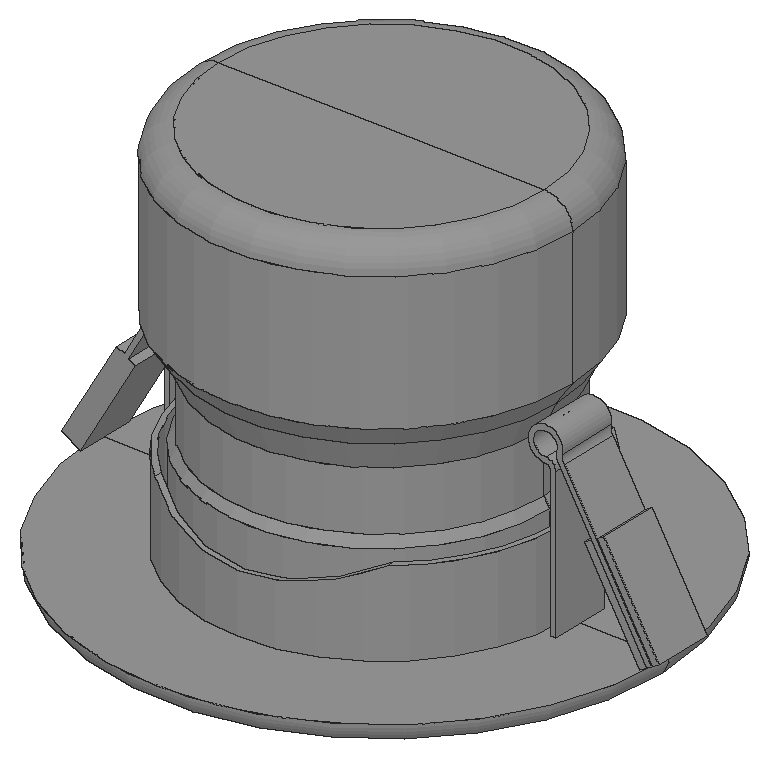
Revit family "63_UN_Spot_Polar 10W D105_Natec", category Lighting Fixtures, Revit 2019
Family settings
  Round Connector Dimension = Use Diameter
  Part Type = Normal
  OmniClass Number = 23.80.70.11.14.11
  OmniClass Title = Downlights
  Work Plane-Based = No
  Always vertical = Yes
  Cut with Voids When Loaded = Yes
  Light Source = Yes
  Shared = No
  Room Calculation Point = Yes
Parameters (values of type "Polar 10W 3000K")
  Wattage Comments = "10W"
  Wattage = 5.78961 W
  built-in parameter 1150110 = 1 (stored number, unit not read)
  Voltage = 230 V
  URL = "https://nateclighting.nl/"
  Type Comments = "Polar 6W D81"
  built-in parameter 1114217 = 1 (stored number, unit not read)
  Tilt Angle = 90.00°
  built-in parameter 1150109 = 1 (stored number, unit not read)
  built-in parameter 1150134 = 3
  Symbol_ToScale [instance] = not(Symbol_RealSize)  # no
  Symbol_RealSize [instance] = yes
  Switch Code [instance] = ""
  built-in parameter 1150113 = 1 (stored number, unit not read)
  Photometric Web File = "Polar 10W 3000K.IES"
  Model = "Spot"
  Manufacturer = "Natec Lighting"
  built-in parameter 1150105 = 68.437 (stored number, unit not read)
  Luminous Flux (lm) = 860 lm
  Lumens = 860 lm
  built-in parameter 1150115 = 1 (stored number, unit not read)
  Luminaire Code [instance] = ""
  built-in parameter 1150137 = (empty or 0)
  built-in parameter 1150139 = (empty or 0)
  built-in parameter 1150112 = 1 (stored number, unit not read)
  built-in parameter 1150114 = 1 (stored number, unit not read)
  Lamp = "LED"
  built-in parameter 1150132 = 2
  built-in parameter 1150102 = (empty or 0)
  built-in parameter 1150107 = 3200 (stored number, unit not read)
  built-in parameter 1150138 = (empty or 0)
  built-in parameter 1150106 = 0.68437 (stored number, unit not read)
  IfcExportType = "USERDEFINED"
  IfcExportAs = "IfcLightFixtureType"
  Housing_Material = Laminate, White
  built-in parameter 1150104 = 13.8 (stored number, unit not read)
  Dimming Lamp Color Temperature Shift = <None>
  Description = ""
  Content Creator® = "www.ivlibrary.com"
  Color Filter = 16777215
  built-in parameter 1114218 = 1 (stored number, unit not read)
  built-in parameter 1150133 = 10 (stored number, unit not read)
  Assembly Code = "63.0"
  Apparent Load = 10 VA
Types (3, lengths in mm): name | built-in parameter 1150134 | Photometric Web File | built-in parameter 1150107
  (no name) | 3 | "Polar 10W 3000K.IES" | 3200 (stored number, unit not read)
  Polar 10W 3000K | 3 | "Polar 10W 3000K.IES" | 3200 (stored number, unit not read)
  Polar 10W 4000K | 12 | "Polar 10W 4000K.IES" | 4000 (stored number, unit not read)
Reference planes
  plane 1 "Center (Front/Back)": y = 0
  plane 2: z = 0
  plane 3 "Center (Left/Right)": x = 0
Forms (mm)
  Revolve 1, solid, material "Laminate, White" <- "Housing_Material"
    sketch origin (0, 0, 0) x (1, 0, 0) y (0, 0, 1)
      loop
        line (-33.597, 0) -> (-52.167, 0)
        arc (-52.167, 0) -> (-50.996, -2.828) -> (-48.167, -4) r 4
        line (-48.167, -4) -> (-33.597, -4) -> (-33.597, 0)
      axis (0, 0) -> (0, -4)
    angle from 0 to 360
  Sweep 2, solid, material "Laminate, White" <- "Housing_Material"
    path origin (31.27, 0, -0.09) x (1, 0, 0) y (0, 0, 1)
      loop
        line (-66.143, 0.09) -> (-66.143, 27.361)
        arc (-66.143, 27.361) -> (-65.916, 27.898) -> (-65.372, 28.108) r 0.747
        arc (-65.372, 28.108) -> (-63.247, 33.702) -> (-68.363, 30.598) r 3.164
        arc (-68.363, 30.598) -> (-68.371, 29.757) -> (-68.742, 29.003) r 1.895
        line (-68.742, 29.003) -> (-84.638, 1.47)
    profile origin (-34.873, 0, 13.636) x (-1, 0, 0) y (0, -1, 0)
      loop
        line (1.008, 5.494) -> (0, 5.494) -> (0, -5.494) -> (1.008, -5.494) -> (1.008, 5.494)
  Revolve 3, solid, material "Laminate, White" <- "Housing_Material"
    sketch origin (0, 0, 0) x (1, 0, 0) y (0, 0, 1)
      loop
        line (-33.597, 15.69) -> (-33.597, -4) -> (-32.597, -4) -> (-32.597, 2.928) -> (-32.597, 15.69) -> (-33.597, 15.69)
      axis (0, -4) -> (0, 15.69)
    angle from 0 to 360
  Extrusion 4, void
    sketch origin (0, 0, 0) x (1, 0, 0) y (0, 0, 1)
      loop
        arc (-21.052, 15.69) -> (0.189, 10.778) -> (21.429, 15.69) r 48.383
        line (21.429, 15.69) -> (-21.052, 15.69)
    from -49.868 to 42.484
  Extrusion 5, solid, material "Laminate, White" <- "Housing_Material"
    sketch origin (0, 0, 0) x (1, 0, 0) y (0, 0, 1)
      loop
        line (-41.085, 17.608) -> (-44.559, 19.614) -> (-54.657, 2.124) -> (-51.183, 0.118) -> (-41.085, 17.608)
    from -5.494 to 5.494
  Sweep 6, solid, material "Laminate, White" <- "Housing_Material"
    path origin (-31.27, 0, -0.09) x (-1, 0, 0) y (0, 0, 1)
      loop
        line (-66.143, 0.09) -> (-66.143, 27.361)
        arc (-66.143, 27.361) -> (-65.916, 27.898) -> (-65.372, 28.108) r 0.747
        arc (-65.372, 28.108) -> (-63.247, 33.702) -> (-68.363, 30.598) r 3.164
        arc (-68.363, 30.598) -> (-68.371, 29.757) -> (-68.742, 29.003) r 1.895
        line (-68.742, 29.003) -> (-84.638, 1.47)
    profile origin (34.873, 0, 13.636) x (1, 0, 0) y (0, 1, 0)
      loop
        line (1.008, -5.494) -> (1.008, 5.494) -> (0, 5.494) -> (0, -5.494) -> (1.008, -5.494)
  Extrusion 7, solid, material "Laminate, White" <- "Housing_Material"
    sketch origin (0, 0, 0) x (-1, 0, 0) y (0, 0, 1)
      loop
        line (-41.085, 17.608) -> (-44.559, 19.614) -> (-54.657, 2.124) -> (-51.183, 0.118) -> (-41.085, 17.608)
    from -5.494 to 5.494
Cuts and joins
  Extrusion 4 cuts Revolve 1
  Extrusion 4 cuts Revolve 3
  joined: Revolve 1, Revolve 3
  joined: Sweep 2, Extrusion 5
Lines and regions (mm)
  symbolic lines, visible <- "Symbol_RealSize"
    curve 1: circle (0, 0, 0) r 40.5 normal (0, 0, 1)
  reference lines
    curve 2: line (0, 0, 0) -> (0, 0, -26.477)
Dimensions and locks
  angle curve 2 to plane 1 "Center (Front/Back)" = 0.00°
  aligned and locked: level to plane 2
Nested families
  nested 1: "Ø81 Symbol_Natec" at (0, 0, 0), visible <- "Symbol_ToScale", type "Ø81 Symbol_Natec"
  nested 2: "Polar 10W D105_Geometry" at (0, -0.545, 29.399), type "Type Catalog"
    with Symbol_ToScale no, Symbol_RealSize yes, Switch Code "", Luminaire Code "", Lightsource_tilt 0.00°
Connectors
  electrical at (0, 0, 0), driven by "Voltage", driven by "Apparent Load"
    settings: index 1, voltage 230 V, apparent load 0 VA, apparent load phase1 10 VA, apparent load phase2 0 VA, apparent load phase3 0 VA, power factor 1, load classification "Lighting", number of poles 1, system type 31, power factor state 1, is connector primary yes, connector utility no, sub classification motor no, connector description ""
Definition of nested family "Polar 10W D105_Geometry"
  Parameters (values of type "Type Catalog")
    Wattage Comments = "19W"
    Voltage = 230 V
    URL = "https://nateclighting.nl/"
    Type Comments = "Polar 6W D81"
    Symbol_ToScale [instance] = not(Symbol_RealSize)  # no
    Symbol_RealSize [instance] = yes
    Switch Code [instance] = ""
    Model = "Spot"
    Manufacturer = "Natec Lighting"
    Luminous Flux (lm) = 500 lm
    Luminaire Code [instance] = ""
    Lightsource_tilt [instance] = 0.00°
    Lamp = "LED"
    IfcExportType = "USERDEFINED"
    IfcExportAs = "IfcLightFixtureType"
    Housing_Material = none
    Description = ""
    Default Elevation = 1219.2 mm
    Content Creator® = "www.ivlibrary.com"
    Assembly Code = "63.0"
    Apparent Load = 19 VA
  Reference planes
    plane 1 "Center (Front/Back)": y = 0
    plane 2: z = 0
    plane 3 "Center (Left/Right)": x = 0
  Forms (mm)
    Revolve 1, solid, material <- "Housing_Material"
      sketch origin (0, 0, -29.375) x (1, 0, 0) y (0, 0, 1)
        loop
          line (-30.787, 17.134) -> (-30.787, -3.588) -> (-29.876, -3.588)
          arc (-29.876, -3.588) -> (-22.509, 5.673) -> (-11.203, 9.166) r 20.046
          line (-11.203, 9.166) -> (0, 9.166) -> (0, 69.203) -> (-29.861, 69.203)
          arc (-29.861, 69.203) -> (-33.454, 67.714) -> (-34.943, 64.121) r 5.082
          line (-34.943, 64.121) -> (-34.943, 39.121) -> (-32.075, 35.025) -> (-29.641, 29.806) -> (-29.641, 18.899) -> (-30.787, 17.134)
        axis (0, -3.588) -> (0, 69.203)
      angle from 0 to 360
  Lines and regions (mm)
    symbolic lines, visible <- "Symbol_RealSize"
      curve 1: circle (0, 0, 0) r 40.5 normal (0, 0, 1)
  Dimensions and locks
    aligned and locked: level to plane 2
Definition of nested family "Ø81 Symbol_Natec"
  Reference planes
    plane 1: y = 0
    plane 2: x = 0
  Lines and regions (mm)
    detail lines
      curve 1: circle (0, 0, 0) r 0.4 normal (0, 0, 1)
